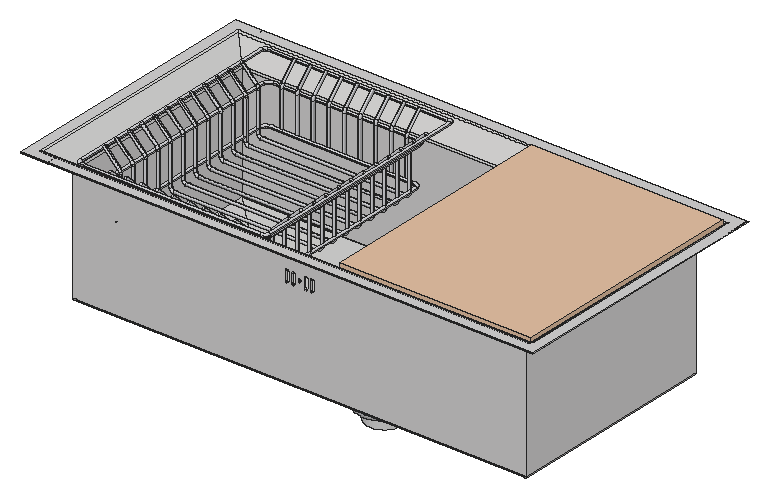
Revit family "Sink-Undermount-Kitchen-KOHLER-POISE-K-3880T", category Plumbing Fixtures, host Face, Revit 2017
Family settings
  Host = Face
  Round Connector Dimension = Use Diameter
  Part Type = Normal
  OmniClass Number = 23.31.13.00
  OmniClass Title = Sinks
  Cut with Voids When Loaded = No
  Shared = No
  Room Calculation Point = No
Parameters (values of type "NA- Stainless Steel Wire Drawing")
  Width = 32 73/256"  # constant formula
  WaterSense Certified = 1 = 0  # no
  Waste Water Outlet = "Waste Water Outlet"  # constant formula
  Waste Connection = 1 = 1  # yes
  Vent Connection = 1 = 0  # no
  URL = "http://www.kohler.com.cn/"
  Type = 1
  Product Page URL = ""
  Product Name = "POISE"  # constant formula
  Product Documentation Link = "https://files.kohler.com.cn/pdfs/k_3880t_f.pdf"
  Model = "K-3880T-F-NA"  # constant formula
  Material = "Stainless Steel"  # constant formula
  Master Format 2014 Name = "Residential Lavatories and Sinks"  # constant formula
  Master Format 2014 = "22 41 16"  # constant formula
  Manufacturer Address = "Kohler Beijing Office (100016) 36-2-03-B, No. 88, Liuxiang Road, Beijing"  # constant formula
  Manufacturer = "KOHLER Co."  # constant formula
  Length = 16 119/128"  # constant formula
  Hot Water Inlet = "Hot Water Inlet"  # constant formula
  Height = 8 119/256"  # constant formula
  HW Connection = 1 = 0  # no
  Finish = Kohler-Metal-NA-Stainless_Steel_Wire_Drawing
  Environmental Product Declaration = ""
  Drain Included = 1 = 1  # yes
  Description = "Poise single-slot under-counter kitchen basin (small size) (speed swirl upgrade version)"  # constant formula
  Default Elevation = 36"
  Declare Label = ""
  Date Modified = "11/03/2020"  # constant formula
  Date Created = "11/03/2020"  # constant formula
  Copyright = "Copyright KOHLER Co."  # constant formula
  Contact Us = "http://www.kohler.com.cn/contact/contact-us/"
  Cold Water Inlet = "Cold Water Inlet"  # constant formula
  CW Connection = 1 = 0  # no
  Assembly Code = "D2010400"
  ADA Compliant = 1 = 0  # no
Reference planes
  plane 1 "Center (Front/Back)": y = 0
  plane 2: z = 0
  plane 3 "Center (Left/Right)": x = 0
  plane 4: x = 410.043
  plane 5: y = -215.014
  plane 6: y = 215
  plane 7: x = -410
  plane 8: z = -357.485
  plane 9: z = -240.407
  plane 10: z = -25.4
  plane 11: z = -27.788
  plane 12: z = -21.388
Forms (mm)
  Extrusion 1, void
    sketch origin (0, 0, 0) x (1, 0, 0) y (0, 1, 0)
      loop
        line (-390, 190) -> (-390, -190)
        arc (-390, -190) -> (-388.536, -193.536) -> (-385, -195) r 5
        line (-385, -195) -> (385, -195)
        arc (385, -195) -> (388.536, -193.536) -> (390, -190) r 5
        line (390, -190) -> (390, 190)
        arc (390, 190) -> (388.536, 193.536) -> (385, 195) r 5
        line (385, 195) -> (-385, 195)
        arc (-385, 195) -> (-388.536, 193.536) -> (-390, 190) r 5
    from -357.522 to 40.557
  Extrusion 2, void
    sketch origin (0, 0, 0) x (1, 0, 0) y (0, 1, 0)
      loop
        line (-410, 215) -> (-410, -215) -> (410, -215) -> (410, 215) -> (-410, 215)
    from -27.788 to -25.4
Dimensions and locks
  plane 7 to plane 3 "Center (Left/Right)" to plane 4 = 16.14173", 16.14342"
  plane 6 to plane 1 "Center (Front/Back)" to plane 5 = 8.46457", 8.46512"  (x2)
  plane 6 to plane 5 = 16 119/128"
  level to plane 10 = 1"
  "Height": plane 9 to plane 10
  "Width": plane 7 to plane 4
  "Length": plane 6 to plane 5
  aligned and locked: plane 2 to host face
  aligned and locked: level to host face
  aligned and locked: plane 3 "Center (Left/Right)" to nested 1
Automatic sketch dimensions
  host sketch curve to host sketch curve = 96"  (x2)
  Extrusion 1 sketch curve to plane 7 = 0.7874"
  Extrusion 1 sketch curve to Extrusion 1 sketch curve = 0.19685"  (x2)
  plane 5 to Extrusion 1 sketch curve = 0.78796"
  Extrusion 1 sketch curve to plane 7 = 0.98425"
  plane 4 to Extrusion 1 sketch curve = 0.98594"  (x2)
  Extrusion 1 sketch curve to plane 6 = 0.98425"
  Extrusion 2 sketch curve to plane 6 = 0"
  Extrusion 2 sketch curve to plane 7 = 0"
  plane 4 to Extrusion 2 sketch curve = 0.00169"
  plane 5 to Extrusion 2 sketch curve = 0.00055"
Nested families
  nested 1: "K-3880T" at (0, 0, 0), type "K-3880T"
Connectors
  piping at (0, 0, -357.522), diameter 38.1, driven by "Waste Connection", driven by "Waste Water Outlet"
    settings: on nested 1, index 1, connector inside diameter 24", connector length 0", flow factor 0, pipe flow 0 GPM, pressure drop 0.00 psi, fitting loss kfactor 0, connector angle 0.00°, fixture units 0, engagement length 0", angle of deflection 0.00°, flow configuration 0, flow direction 2, fitting loss method 0, system type 16, joint type 0, gender type 0, connector reference index -1, connector utility 1, adjustable connector no, is connector primary yes, connector description "Waste Water Outlet"
Definition of nested family "K-3880T"
  Parameters (values of type "K-3880T")
    Material = none
  Reference planes
    plane 1 "Center (Front/Back)": y = 0
    plane 2: z = 0
    plane 3 "Center (Left/Right)": x = 0
    plane 4: y = 215
    plane 5: y = -215
    plane 6: x = -410
    plane 7: x = 410
    plane 8: z = -25.4
    plane 9: z = -240.4
    plane 10: z = -357.522
    plane 11: z = -27.788
    plane 12: z = -21.388
  Forms (mm)
    Sweep 1, solid, material <- "Material", detail levels medium+fine
      path origin (0, 0, 0) x (1, 0, 0) y (0, 1, 0)
        loop
          line (410, -215) -> (410, 215) -> (-410, 215) -> (-410, -215) -> (410, -215)
      profile origin (410, 0, 0) x (-1, 0, 0) y (0, 0, 1)
        loop
          line (0, -25.4) -> (0, -26.594) -> (17.06, -26.594)
          arc (17.06, -26.594) -> (18.442, -26.869) -> (19.613, -27.651) r 3.61
          line (19.613, -27.651) -> (46.038, -54.076)
          arc (46.038, -54.076) -> (46.799, -55.215) -> (47.066, -56.558) r 3.51
          line (47.066, -56.558) -> (47.066, -239.569)
          arc (47.066, -239.569) -> (47.601, -240.893) -> (48.906, -241.473) r 1.906
          line (48.906, -241.473) -> (177.114, -245.951)
          arc (177.114, -245.951) -> (187.589, -246.225) -> (198.067, -246.316) r 600.402
          line (198.067, -246.316) -> (208.525, -246.316) -> (208.525, -245.128) -> (195.559, -245.128)
          arc (195.559, -245.128) -> (187.588, -245.058) -> (179.62, -244.85) r 456.697
          line (179.62, -244.85) -> (48.937, -240.286)
          arc (48.937, -240.286) -> (48.457, -240.072) -> (48.26, -239.585) r 0.701
          line (48.26, -239.585) -> (48.26, -56.619)
          arc (48.26, -56.619) -> (47.891, -54.763) -> (46.839, -53.189) r 4.851
          line (46.839, -53.189) -> (20.422, -26.772)
          arc (20.422, -26.772) -> (18.902, -25.757) -> (17.109, -25.4) r 4.686
          line (17.109, -25.4) -> (0, -25.4)
    Extrusion 2, solid, material <- "Material", detail levels medium+fine
      sketch origin (0, 0, 0) x (1, 0, 0) y (0, 1, 0)
        loop
          line (-201.475, 6.475) -> (-201.475, -6.475) -> (201.475, -6.475) -> (201.475, 6.475) -> (-201.475, 6.475)
      from -246.316 to -245.128
    Sweep 3, solid, detail levels medium+fine
      path origin (0, 0, 0) x (1, 0, 0) y (0, 0, 1)
        loop
          line (-338.075, -25.362) -> (-313.84, -49.597)
          arc (-313.84, -49.597) -> (-312.16, -52.112) -> (-311.57, -55.078) r 7.751
          line (-311.57, -55.078) -> (-311.57, -118.193)
          arc (-311.57, -118.193) -> (-309.814, -122.432) -> (-305.575, -124.188) r 5.995
          line (-305.575, -124.188) -> (-75.378, -124.188)
          arc (-75.378, -124.188) -> (-71.187, -122.452) -> (-69.45, -118.26) r 5.928
          line (-69.45, -118.26) -> (-69.45, -55.239)
          arc (-69.45, -55.239) -> (-68.834, -52.143) -> (-67.08, -49.517) r 8.092
          line (-67.08, -49.517) -> (-42.925, -25.362)
      profile origin (-325.957, 0, -37.48) x (0.707107, 0, 0.707107) y (0, -1, 0)
        loop
          circle (0, 37.504) r 1.998
        loop
          circle (0, 12.504) r 1.998
        loop
          circle (0, 87.504) r 1.998
        loop
          circle (0, 62.504) r 1.998
        loop
          circle (0, -62.496) r 1.998
        loop
          circle (0, -87.496) r 1.998
        loop
          circle (0, -12.496) r 1.998
        loop
          circle (0, -37.496) r 1.998
        loop
          circle (0, -112.496) r 1.998
        loop
          circle (0, -137.496) r 1.998
        loop
          circle (0, 137.504) r 1.998
        loop
          circle (0, 112.504) r 1.998
    Sweep 4, solid, detail levels medium+fine
      path origin (0, 0, 0) x (1, 0, 0) y (0, 1, 0)
        loop
          arc (-334.7, 187.017) -> (-339.085, 185.201) -> (-340.901, 180.816) r 6.201
          line (-340.901, 180.816) -> (-340.901, -180.884)
          arc (-340.901, -180.884) -> (-339.101, -185.229) -> (-334.756, -187.029) r 6.145
          line (-334.756, -187.029) -> (-46.051, -187.029)
          arc (-46.051, -187.029) -> (-41.85, -185.289) -> (-40.11, -181.088) r 5.941
          line (-40.11, -181.088) -> (-40.11, 181.049)
          arc (-40.11, 181.049) -> (-41.858, 185.269) -> (-46.078, 187.017) r 5.968
          line (-46.078, 187.017) -> (-334.7, 187.017)
      profile origin (-190.389, 187.017, 0) x (0, 1, 0) y (0, 0, 1)
        loop
          circle (0, -28.204) r 2.002
    Sweep 5, solid, detail levels medium+fine
      path origin (0, 0, 0) x (1, 0, 0) y (0, 1, 0)
        loop
          arc (-65.432, 151.428) -> (-68.453, 158.722) -> (-75.747, 161.743) r 10.314
          line (-75.747, 161.743) -> (-305.047, 161.743)
          arc (-305.047, 161.743) -> (-312.36, 158.714) -> (-315.389, 151.401) r 10.342
          line (-315.389, 151.401) -> (-315.389, -151.294)
          arc (-315.389, -151.294) -> (-312.328, -158.682) -> (-304.94, -161.743) r 10.449
          line (-304.94, -161.743) -> (-75.432, -161.743)
          arc (-75.432, -161.743) -> (-68.361, -158.814) -> (-65.432, -151.743) r 10
          line (-65.432, -151.743) -> (-65.432, 151.428)
      profile origin (-65.432, -0.157, 0) x (1, 0, 0) y (0, 0, 1)
        loop
          circle (0, -55.134) r 2.003
    Sweep 6, solid, detail levels medium+fine
      path origin (0, 0, 0) x (1, 0, 0) y (0, 1, 0)
        loop
          line (-306.369, -153.741) -> (-74.687, -153.741)
          arc (-74.687, -153.741) -> (-68.144, -151.031) -> (-65.433, -144.488) r 9.253
          line (-65.433, -144.488) -> (-65.433, 143.735)
          arc (-65.433, 143.735) -> (-68.362, 150.806) -> (-75.433, 153.735) r 10
          line (-75.433, 153.735) -> (-305.545, 153.735)
          arc (-305.545, 153.735) -> (-312.616, 150.806) -> (-315.545, 143.735) r 10
          line (-315.545, 143.735) -> (-315.545, -144.565)
          arc (-315.545, -144.565) -> (-312.858, -151.053) -> (-306.369, -153.741) r 9.177
      profile origin (-190.528, -153.741, 0) x (0, 1, 0) y (0, 0, 1)
        loop
          circle (0, -114.206) r 2.033
    Sweep 7, solid, detail levels medium+fine
      path origin (0, 0, 0) x (0, 1, 0) y (0, 0, 1)
        loop
          line (184.189, -25.366) -> (159.78, -49.775)
          arc (159.78, -49.775) -> (158.27, -52.034) -> (157.74, -54.699) r 6.964
          line (157.74, -54.699) -> (157.74, -114.194)
      profile origin (0, 171.984, -37.57) x (0, 0.707107, -0.707107) y (1, 0, 0)
        loop
          circle (0, -140.527) r 2.01
        loop
          circle (0, -165.527) r 2.01
        loop
          circle (0, -90.527) r 2.01
        loop
          circle (0, -115.527) r 2.01
        loop
          circle (0, -240.527) r 2.01
        loop
          circle (0, -265.527) r 2.01
        loop
          circle (0, -190.527) r 2.01
        loop
          circle (0, -215.527) r 2.01
        loop
          circle (0, -290.448) r 2.01
    Sweep 8, solid, detail levels medium+fine
      path origin (0, 0, 0) x (0, -1, 0) y (0, 0, 1)
        loop
          line (184.189, -25.366) -> (159.78, -49.775)
          arc (159.78, -49.775) -> (158.27, -52.034) -> (157.74, -54.699) r 6.964
          line (157.74, -54.699) -> (157.74, -114.194)
      profile origin (0, -171.984, -37.57) x (0, 0.707107, 0.707107) y (1, 0, 0)
        loop
          circle (0, -140.527) r 2.01
        loop
          circle (0, -165.527) r 2.01
        loop
          circle (0, -90.527) r 2.01
        loop
          circle (0, -115.527) r 2.01
        loop
          circle (0, -240.527) r 2.01
        loop
          circle (0, -265.527) r 2.01
        loop
          circle (0, -190.527) r 2.01
        loop
          circle (0, -215.527) r 2.01
        loop
          circle (0, -290.448) r 2.01
    Extrusion 9, void
      sketch origin (0, 0, 0) x (1, 0, 0) y (0, 0, 1)
        loop
          line (17, -79.514) -> (17, -93.614)
          arc (17, -93.614) -> (20, -96.614) -> (23, -93.614) r 3
          line (23, -93.614) -> (23, -79.514)
          arc (23, -79.514) -> (20, -76.514) -> (17, -79.514) r 3
        loop
          line (13, -93.616) -> (13, -79.546)
          arc (13, -79.546) -> (10, -76.546) -> (7, -79.546) r 3
          line (7, -79.546) -> (7, -93.616)
          arc (7, -93.616) -> (10, -96.616) -> (13, -93.616) r 3
        loop
          line (-7, -93.594) -> (-7, -79.57)
          arc (-7, -79.57) -> (-10, -76.57) -> (-13, -79.57) r 3
          line (-13, -79.57) -> (-13, -93.594)
          arc (-13, -93.594) -> (-10, -96.594) -> (-7, -93.594) r 3
        loop
          line (-17, -93.577) -> (-17, -79.615)
          arc (-17, -79.615) -> (-20, -76.615) -> (-23, -79.615) r 3
          line (-23, -79.615) -> (-23, -93.577)
          arc (-23, -93.577) -> (-20, -96.577) -> (-17, -93.577) r 3
        loop
          circle (0.006, -86.599) r 2.505
      from 157.988 to 199.631
    Extrusion 10, void
      sketch origin (0, 0, 0) x (1, 0, 0) y (0, 1, 0)
        loop
          circle (-0.074, -0.16) r 57.552
      from -260.522 to -198.733
    Revolve 11, solid, material <- "Material", detail levels medium+fine
      sketch origin (0, 0, 0) x (1, 0, 0) y (0, 0, 1)
        loop
          line (57, -254.522) -> (54.598, -254.522) -> (58.071, -245.191)
          arc (58.071, -245.191) -> (57.726, -244.439) -> (56.974, -244.783) r 0.585
          line (56.974, -244.783) -> (53.645, -253.726)
          arc (53.645, -253.726) -> (53.772, -254.727) -> (54.666, -255.195) r 1.089
          line (54.666, -255.195) -> (56.277, -255.195) -> (56.277, -258.289) -> (57.669, -258.289) -> (57.399, -266.022) -> (46.789, -266.022)
          arc (46.789, -266.022) -> (46.185, -266.265) -> (45.92, -266.86) r 0.87
          line (45.92, -266.86) -> (43.662, -329.849)
          arc (43.662, -329.849) -> (41.234, -335.291) -> (35.709, -337.522) r 7.957
          line (35.709, -337.522) -> (28.916, -337.522)
          arc (28.916, -337.522) -> (27.106, -338.271) -> (26.356, -340.081) r 2.56
          line (26.356, -340.081) -> (26.356, -354.522) -> (0, -354.522) -> (0, -357.522) -> (28.35, -357.522) -> (28.35, -340.077)
          arc (28.35, -340.077) -> (28.513, -339.684) -> (28.905, -339.522) r 0.555
          line (28.905, -339.522) -> (35.675, -339.522)
          arc (35.675, -339.522) -> (42.622, -336.715) -> (45.669, -329.871) r 10
          line (45.669, -329.871) -> (47.794, -269.015)
          arc (47.794, -269.015) -> (48.108, -268.31) -> (48.823, -268.022) r 1.029
          line (48.823, -268.022) -> (58.354, -268.022)
          arc (58.354, -268.022) -> (59.056, -267.738) -> (59.364, -267.046) r 1.011
          line (59.364, -267.046) -> (59.695, -257.59) -> (56.895, -257.523) -> (57, -254.522)
        axis (0, -357.522) -> (0, -244.783)
      angle from 0 to 360
    Revolve 12, solid, detail levels medium+fine
      sketch origin (-0.265, 0, -53.942) x (1, 0, 0) y (0, 0, 1)
        loop
          line (-36.463, -245.875) -> (0.136, -245.875) -> (0.136, -219.575) -> (-6.479, -219.575)
          arc (-6.479, -219.575) -> (-6.847, -219.728) -> (-7, -220.096) r 0.521
          line (-7, -220.096) -> (-7, -223.066)
          arc (-7, -223.066) -> (-6.851, -223.426) -> (-6.491, -223.575) r 0.509
          line (-6.491, -223.575) -> (-3.997, -223.575) -> (-3.997, -245.075) -> (-36.425, -245.075)
          arc (-36.425, -245.075) -> (-38.614, -244.202) -> (-39.601, -242.061) r 3.181
          line (-39.601, -242.061) -> (-41.173, -212.073)
          arc (-41.173, -212.073) -> (-42.754, -211.02) -> (-43.31, -212.836) r 1.184
          line (-43.31, -212.836) -> (-42.7, -213.575) -> (-42.078, -213.061) -> (-42.658, -212.358)
          arc (-42.658, -212.358) -> (-42.529, -211.704) -> (-41.962, -212.054) r 0.406
          line (-41.962, -212.054) -> (-40.384, -242.154)
          arc (-40.384, -242.154) -> (-39.166, -244.797) -> (-36.463, -245.875) r 3.927
        axis (0.136, -212.054) -> (0.136, -245.875)
      angle from 0 to 360
    Extrusion 13, void
      sketch origin (-0.265, 0, -53.942) x (1, 0, 0) y (0, 1, 0)
        loop
          arc (-13.315, 31.662) -> (-14.178, 26.814) -> (-13.523, 21.934) r 15.972
          arc (-13.523, 21.934) -> (-11.611, 20.826) -> (-10.398, 22.673) r 1.608
          arc (-10.398, 22.673) -> (-10.726, 26.752) -> (-10.267, 30.818) r 21.255
          arc (-10.267, 30.818) -> (-11.394, 32.674) -> (-13.315, 31.662) r 1.584
        loop
          arc (-1.084, 34.33) -> (-3.627, 30.114) -> (-4.765, 25.323) r 15.972
          arc (-4.765, 25.323) -> (-3.376, 23.603) -> (-1.582, 24.894) r 1.608
          arc (-1.582, 24.894) -> (-0.427, 28.819) -> (1.459, 32.451) r 21.255
          arc (1.459, 32.451) -> (1.072, 34.587) -> (-1.084, 34.33) r 1.584
        loop
          arc (11.291, 32.439) -> (7.406, 29.413) -> (4.627, 25.349) r 15.972
          arc (4.627, 25.349) -> (5.307, 23.246) -> (7.444, 23.807) r 1.608
          arc (7.444, 23.807) -> (9.929, 27.058) -> (12.992, 29.772) r 21.255
          arc (12.992, 29.772) -> (13.396, 31.905) -> (11.291, 32.439) r 1.584
        loop
          arc (22.166, 26.238) -> (17.455, 24.806) -> (13.404, 22.007) r 15.972
          arc (13.404, 22.007) -> (13.285, 19.8) -> (15.481, 19.558) r 1.608
          arc (15.481, 19.558) -> (18.967, 21.703) -> (22.798, 23.139) r 21.255
          arc (22.798, 23.139) -> (23.94, 24.986) -> (22.166, 26.238) r 1.584
        loop
          arc (30.381, 16.023) -> (25.476, 16.461) -> (20.672, 15.383) r 15.972
          arc (20.672, 15.383) -> (19.734, 13.382) -> (21.681, 12.335) r 1.608
          arc (21.681, 12.335) -> (25.716, 13.017) -> (29.806, 12.914) r 21.255
          arc (29.806, 12.914) -> (31.556, 14.198) -> (30.381, 16.023) r 1.584
        loop
          arc (34.105, 4.072) -> (29.683, 6.238) -> (24.811, 6.954) r 15.972
          arc (24.811, 6.954) -> (23.219, 5.421) -> (24.661, 3.746) r 1.608
          arc (24.661, 3.746) -> (28.672, 2.937) -> (32.455, 1.374) r 21.255
          arc (32.455, 1.374) -> (34.549, 1.947) -> (34.105, 4.072) r 1.584
        loop
          arc (33.299, -8.421) -> (29.947, -4.814) -> (25.655, -2.4) r 15.972
          arc (25.655, -2.4) -> (23.62, -3.26) -> (24.365, -5.341) r 1.608
          arc (24.365, -5.341) -> (27.821, -7.533) -> (30.791, -10.347) r 21.255
          arc (30.791, -10.347) -> (32.952, -10.564) -> (33.299, -8.421) r 1.584
        loop
          arc (28.07, -19.795) -> (26.233, -15.226) -> (23.091, -11.435) r 15.972
          arc (23.091, -11.435) -> (20.882, -11.508) -> (20.833, -13.718) r 1.608
          arc (20.833, -13.718) -> (23.273, -17.003) -> (25.038, -20.695) r 21.255
          arc (25.038, -20.695) -> (26.977, -21.671) -> (28.07, -19.795) r 1.584
        loop
          arc (18.61, -28.869) -> (18.619, -23.945) -> (17.126, -19.252) r 15.972
          arc (17.126, -19.252) -> (15.051, -18.493) -> (14.177, -20.523) r 1.608
          arc (14.177, -20.523) -> (15.209, -24.483) -> (15.462, -28.567) r 21.255
          arc (15.462, -28.567) -> (16.895, -30.199) -> (18.61, -28.869) r 1.584
        loop
          arc (7.029, -33.621) -> (8.801, -29.027) -> (9.089, -24.111) r 15.972
          arc (9.089, -24.111) -> (7.424, -22.658) -> (5.881, -24.241) r 1.608
          arc (5.881, -24.241) -> (5.425, -28.307) -> (4.198, -32.211) r 21.255
          arc (4.198, -32.211) -> (4.95, -34.248) -> (7.029, -33.621) r 1.584
        loop
          arc (-5.487, -33.906) -> (-2.186, -30.253) -> (-0.155, -25.767) r 15.972
          arc (-0.155, -25.767) -> (-1.189, -23.814) -> (-3.197, -24.738) r 1.608
          arc (-3.197, -24.738) -> (-5.08, -28.371) -> (-7.624, -31.576) r 21.255
          arc (-7.624, -31.576) -> (-7.652, -33.747) -> (-5.487, -33.906) r 1.584
        loop
          arc (-17.273, -29.688) -> (-12.882, -27.46) -> (-9.379, -24) r 15.972
          arc (-9.379, -24) -> (-9.645, -21.806) -> (-11.85, -21.949) r 1.608
          arc (-11.85, -21.949) -> (-14.91, -24.666) -> (-18.434, -26.747) r 21.255
          arc (-18.434, -26.747) -> (-19.237, -28.763) -> (-17.273, -29.688) r 1.584
        loop
          arc (-27.137, -21.056) -> (-22.231, -20.635) -> (-17.686, -18.739) r 15.972
          arc (-17.686, -18.739) -> (-17.111, -16.605) -> (-19.209, -15.912) r 1.608
          arc (-19.209, -15.912) -> (-23.064, -17.285) -> (-27.111, -17.893) r 21.255
          arc (-27.111, -17.893) -> (-28.611, -19.462) -> (-27.137, -21.056) r 1.584
        loop
          arc (-32.88, -9.932) -> (-28.149, -11.297) -> (-23.227, -11.156) r 15.972
          arc (-23.227, -11.156) -> (-21.925, -9.37) -> (-23.636, -7.971) r 1.608
          arc (-23.636, -7.971) -> (-27.727, -7.871) -> (-31.723, -6.989) r 21.255
          arc (-31.723, -6.989) -> (-33.686, -7.916) -> (-32.88, -9.932) r 1.584
        loop
          arc (-34.256, 2.511) -> (-30.328, -0.459) -> (-25.682, -2.092) r 15.972
          arc (-25.682, -2.092) -> (-23.827, -0.891) -> (-24.923, 1.029) r 1.608
          arc (-24.923, 1.029) -> (-28.706, 2.588) -> (-32.12, 4.843) r 21.255
          arc (-32.12, 4.843) -> (-34.285, 4.681) -> (-34.256, 2.511) r 1.584
        loop
          arc (-31.081, 14.62) -> (-28.478, 10.44) -> (-24.726, 7.251) r 15.972
          arc (-24.726, 7.251) -> (-22.564, 7.707) -> (-22.899, 9.892) r 1.608
          arc (-22.899, 9.892) -> (-25.872, 12.703) -> (-28.251, 16.033) r 21.255
          arc (-28.251, 16.033) -> (-30.33, 16.657) -> (-31.081, 14.62) r 1.584
        loop
          arc (-23.777, 24.787) -> (-22.845, 19.952) -> (-20.485, 15.631) r 15.972
          arc (-20.485, 15.631) -> (-18.303, 15.281) -> (-17.833, 17.441) r 1.608
          arc (-17.833, 17.441) -> (-19.601, 21.131) -> (-20.629, 25.092) r 21.255
          arc (-20.629, 25.092) -> (-22.347, 26.42) -> (-23.777, 24.787) r 1.584
      from -245.875 to -184.505
    Extrusion 14, void
      sketch origin (7.86, 0, -53.942) x (1, 0, 0) y (0, 0, 1)
        loop
          arc (-6.453, -217.312) -> (-8.482, -217.045) -> (-8.936, -219.041) r 1.52
          arc (-8.936, -219.041) -> (-7.141, -222.791) -> (-5.873, -226.75) r 30.418
          arc (-5.873, -226.75) -> (-4.077, -227.935) -> (-2.755, -226.238) r 1.585
          arc (-2.755, -226.238) -> (-3.909, -221.487) -> (-6.453, -217.312) r 15.891
        loop
          arc (-10.848, -228.761) -> (-12.877, -228.495) -> (-13.332, -230.491) r 1.52
          arc (-13.332, -230.491) -> (-11.536, -234.24) -> (-10.268, -238.199) r 30.418
          arc (-10.268, -238.199) -> (-8.473, -239.384) -> (-7.15, -237.687) r 1.585
          arc (-7.15, -237.687) -> (-8.304, -232.936) -> (-10.848, -228.761) r 15.891
      from -51.102 to -30.421
    Extrusion 15, void
      sketch origin (6.73, -3.845, -53.942) x (0.876981, -0.480526, 0) y (0, 0, 1)
        loop
          arc (-6.453, -217.312) -> (-8.482, -217.045) -> (-8.936, -219.041) r 1.52
          arc (-8.936, -219.041) -> (-7.141, -222.791) -> (-5.873, -226.75) r 30.418
          arc (-5.873, -226.75) -> (-4.077, -227.935) -> (-2.755, -226.238) r 1.585
          arc (-2.755, -226.238) -> (-3.909, -221.487) -> (-6.453, -217.312) r 15.891
        loop
          arc (-10.848, -228.761) -> (-12.877, -228.495) -> (-13.332, -230.491) r 1.52
          arc (-13.332, -230.491) -> (-11.536, -234.24) -> (-10.268, -238.199) r 30.418
          arc (-10.268, -238.199) -> (-8.473, -239.384) -> (-7.15, -237.687) r 1.585
          arc (-7.15, -237.687) -> (-8.304, -232.936) -> (-10.848, -228.761) r 15.891
      from -51.102 to -30.421
    Extrusion 16, void
      sketch origin (4.023, -6.878, -53.942) x (0.532641, -0.846342, 0) y (0, 0, 1)
        loop
          arc (-6.453, -217.312) -> (-8.482, -217.045) -> (-8.936, -219.041) r 1.52
          arc (-8.936, -219.041) -> (-7.141, -222.791) -> (-5.873, -226.75) r 30.418
          arc (-5.873, -226.75) -> (-4.077, -227.935) -> (-2.755, -226.238) r 1.585
          arc (-2.755, -226.238) -> (-3.909, -221.487) -> (-6.453, -217.312) r 15.891
        loop
          arc (-10.848, -228.761) -> (-12.877, -228.495) -> (-13.332, -230.491) r 1.52
          arc (-13.332, -230.491) -> (-11.536, -234.24) -> (-10.268, -238.199) r 30.418
          arc (-10.268, -238.199) -> (-8.473, -239.384) -> (-7.15, -237.687) r 1.585
          arc (-7.15, -237.687) -> (-8.304, -232.936) -> (-10.848, -228.761) r 15.891
      from -51.102 to -30.421
    Extrusion 17, void
      sketch origin (0.167, -7.97, -53.942) x (0.060426, -0.998173, 0) y (0, 0, 1)
        loop
          arc (-6.453, -217.312) -> (-8.482, -217.045) -> (-8.936, -219.041) r 1.52
          arc (-8.936, -219.041) -> (-7.141, -222.791) -> (-5.873, -226.75) r 30.418
          arc (-5.873, -226.75) -> (-4.077, -227.935) -> (-2.755, -226.238) r 1.585
          arc (-2.755, -226.238) -> (-3.909, -221.487) -> (-6.453, -217.312) r 15.891
        loop
          arc (-10.848, -228.761) -> (-12.877, -228.495) -> (-13.332, -230.491) r 1.52
          arc (-13.332, -230.491) -> (-11.536, -234.24) -> (-10.268, -238.199) r 30.418
          arc (-10.268, -238.199) -> (-8.473, -239.384) -> (-7.15, -237.687) r 1.585
          arc (-7.15, -237.687) -> (-8.304, -232.936) -> (-10.848, -228.761) r 15.891
      from -51.102 to -30.421
    Extrusion 18, void
      sketch origin (-3.394, -7.011, -53.942) x (-0.383246, -0.923646, 0) y (0, 0, 1)
        loop
          arc (-6.453, -217.312) -> (-8.482, -217.045) -> (-8.936, -219.041) r 1.52
          arc (-8.936, -219.041) -> (-7.141, -222.791) -> (-5.873, -226.75) r 30.418
          arc (-5.873, -226.75) -> (-4.077, -227.935) -> (-2.755, -226.238) r 1.585
          arc (-2.755, -226.238) -> (-3.909, -221.487) -> (-6.453, -217.312) r 15.891
        loop
          arc (-10.848, -228.761) -> (-12.877, -228.495) -> (-13.332, -230.491) r 1.52
          arc (-13.332, -230.491) -> (-11.536, -234.24) -> (-10.268, -238.199) r 30.418
          arc (-10.268, -238.199) -> (-8.473, -239.384) -> (-7.15, -237.687) r 1.585
          arc (-7.15, -237.687) -> (-8.304, -232.936) -> (-10.848, -228.761) r 15.891
      from -51.102 to -30.421
    Extrusion 19, void
      sketch origin (-6.512, -4.494, -53.942) x (-0.779936, -0.62586, 0) y (0, 0, 1)
        loop
          arc (-6.453, -217.312) -> (-8.482, -217.045) -> (-8.936, -219.041) r 1.52
          arc (-8.936, -219.041) -> (-7.141, -222.791) -> (-5.873, -226.75) r 30.418
          arc (-5.873, -226.75) -> (-4.077, -227.935) -> (-2.755, -226.238) r 1.585
          arc (-2.755, -226.238) -> (-3.909, -221.487) -> (-6.453, -217.312) r 15.891
        loop
          arc (-10.848, -228.761) -> (-12.877, -228.495) -> (-13.332, -230.491) r 1.52
          arc (-13.332, -230.491) -> (-11.536, -234.24) -> (-10.268, -238.199) r 30.418
          arc (-10.268, -238.199) -> (-8.473, -239.384) -> (-7.15, -237.687) r 1.585
          arc (-7.15, -237.687) -> (-8.304, -232.936) -> (-10.848, -228.761) r 15.891
      from -51.102 to -30.421
    Extrusion 20, void
      sketch origin (-8.276, -0.831, -53.942) x (-0.985853, -0.167614, 0) y (0, 0, 1)
        loop
          arc (-6.453, -217.312) -> (-8.482, -217.045) -> (-8.936, -219.041) r 1.52
          arc (-8.936, -219.041) -> (-7.141, -222.791) -> (-5.873, -226.75) r 30.418
          arc (-5.873, -226.75) -> (-4.077, -227.935) -> (-2.755, -226.238) r 1.585
          arc (-2.755, -226.238) -> (-3.909, -221.487) -> (-6.453, -217.312) r 15.891
        loop
          arc (-10.848, -228.761) -> (-12.877, -228.495) -> (-13.332, -230.491) r 1.52
          arc (-13.332, -230.491) -> (-11.536, -234.24) -> (-10.268, -238.199) r 30.418
          arc (-10.268, -238.199) -> (-8.473, -239.384) -> (-7.15, -237.687) r 1.585
          arc (-7.15, -237.687) -> (-8.304, -232.936) -> (-10.848, -228.761) r 15.891
      from -51.102 to -30.421
    Extrusion 21, void
      sketch origin (-7.807, 3.149, -53.942) x (-0.945117, 0.326734, 0) y (0, 0, 1)
        loop
          arc (-6.453, -217.312) -> (-8.482, -217.045) -> (-8.936, -219.041) r 1.52
          arc (-8.936, -219.041) -> (-7.141, -222.791) -> (-5.873, -226.75) r 30.418
          arc (-5.873, -226.75) -> (-4.077, -227.935) -> (-2.755, -226.238) r 1.585
          arc (-2.755, -226.238) -> (-3.909, -221.487) -> (-6.453, -217.312) r 15.891
        loop
          arc (-10.848, -228.761) -> (-12.877, -228.495) -> (-13.332, -230.491) r 1.52
          arc (-13.332, -230.491) -> (-11.536, -234.24) -> (-10.268, -238.199) r 30.418
          arc (-10.268, -238.199) -> (-8.473, -239.384) -> (-7.15, -237.687) r 1.585
          arc (-7.15, -237.687) -> (-8.304, -232.936) -> (-10.848, -228.761) r 15.891
      from -51.102 to -30.421
    Extrusion 22, void
      sketch origin (-5.937, 5.693, -53.942) x (-0.712823, 0.701344, 0) y (0, 0, 1)
        loop
          arc (-6.453, -217.312) -> (-8.482, -217.045) -> (-8.936, -219.041) r 1.52
          arc (-8.936, -219.041) -> (-7.141, -222.791) -> (-5.873, -226.75) r 30.418
          arc (-5.873, -226.75) -> (-4.077, -227.935) -> (-2.755, -226.238) r 1.585
          arc (-2.755, -226.238) -> (-3.909, -221.487) -> (-6.453, -217.312) r 15.891
        loop
          arc (-10.848, -228.761) -> (-12.877, -228.495) -> (-13.332, -230.491) r 1.52
          arc (-13.332, -230.491) -> (-11.536, -234.24) -> (-10.268, -238.199) r 30.418
          arc (-10.268, -238.199) -> (-8.473, -239.384) -> (-7.15, -237.687) r 1.585
          arc (-7.15, -237.687) -> (-8.304, -232.936) -> (-10.848, -228.761) r 15.891
      from -51.102 to -30.421
    Extrusion 23, void
      sketch origin (-2.435, 7.642, -53.942) x (-0.288118, 0.957595, 0) y (0, 0, 1)
        loop
          arc (-6.453, -217.312) -> (-8.482, -217.045) -> (-8.936, -219.041) r 1.52
          arc (-8.936, -219.041) -> (-7.141, -222.791) -> (-5.873, -226.75) r 30.418
          arc (-5.873, -226.75) -> (-4.077, -227.935) -> (-2.755, -226.238) r 1.585
          arc (-2.755, -226.238) -> (-3.909, -221.487) -> (-6.453, -217.312) r 15.891
        loop
          arc (-10.848, -228.761) -> (-12.877, -228.495) -> (-13.332, -230.491) r 1.52
          arc (-13.332, -230.491) -> (-11.536, -234.24) -> (-10.268, -238.199) r 30.418
          arc (-10.268, -238.199) -> (-8.473, -239.384) -> (-7.15, -237.687) r 1.585
          arc (-7.15, -237.687) -> (-8.304, -232.936) -> (-10.848, -228.761) r 15.891
      from -51.102 to -30.421
    Extrusion 24, void
      sketch origin (1.622, 7.904, -53.942) x (0.213898, 0.976856, 0) y (0, 0, 1)
        loop
          arc (-6.453, -217.312) -> (-8.482, -217.045) -> (-8.936, -219.041) r 1.52
          arc (-8.936, -219.041) -> (-7.141, -222.791) -> (-5.873, -226.75) r 30.418
          arc (-5.873, -226.75) -> (-4.077, -227.935) -> (-2.755, -226.238) r 1.585
          arc (-2.755, -226.238) -> (-3.909, -221.487) -> (-6.453, -217.312) r 15.891
        loop
          arc (-10.848, -228.761) -> (-12.877, -228.495) -> (-13.332, -230.491) r 1.52
          arc (-13.332, -230.491) -> (-11.536, -234.24) -> (-10.268, -238.199) r 30.418
          arc (-10.268, -238.199) -> (-8.473, -239.384) -> (-7.15, -237.687) r 1.585
          arc (-7.15, -237.687) -> (-8.304, -232.936) -> (-10.848, -228.761) r 15.891
      from -51.102 to -30.421
    Extrusion 25, void
      sketch origin (5.137, 5.978, -53.942) x (0.656989, 0.7539, 0) y (0, 0, 1)
        loop
          arc (-6.453, -217.312) -> (-8.482, -217.045) -> (-8.936, -219.041) r 1.52
          arc (-8.936, -219.041) -> (-7.141, -222.791) -> (-5.873, -226.75) r 30.418
          arc (-5.873, -226.75) -> (-4.077, -227.935) -> (-2.755, -226.238) r 1.585
          arc (-2.755, -226.238) -> (-3.909, -221.487) -> (-6.453, -217.312) r 15.891
        loop
          arc (-10.848, -228.761) -> (-12.877, -228.495) -> (-13.332, -230.491) r 1.52
          arc (-13.332, -230.491) -> (-11.536, -234.24) -> (-10.268, -238.199) r 30.418
          arc (-10.268, -238.199) -> (-8.473, -239.384) -> (-7.15, -237.687) r 1.585
          arc (-7.15, -237.687) -> (-8.304, -232.936) -> (-10.848, -228.761) r 15.891
      from -51.102 to -30.421
    Extrusion 26, void
      sketch origin (7.104, 3.006, -53.942) x (0.914046, 0.40561, 0) y (0, 0, 1)
        loop
          arc (-6.453, -217.312) -> (-8.482, -217.045) -> (-8.936, -219.041) r 1.52
          arc (-8.936, -219.041) -> (-7.141, -222.791) -> (-5.873, -226.75) r 30.418
          arc (-5.873, -226.75) -> (-4.077, -227.935) -> (-2.755, -226.238) r 1.585
          arc (-2.755, -226.238) -> (-3.909, -221.487) -> (-6.453, -217.312) r 15.891
        loop
          arc (-10.848, -228.761) -> (-12.877, -228.495) -> (-13.332, -230.491) r 1.52
          arc (-13.332, -230.491) -> (-11.536, -234.24) -> (-10.268, -238.199) r 30.418
          arc (-10.268, -238.199) -> (-8.473, -239.384) -> (-7.15, -237.687) r 1.585
          arc (-7.15, -237.687) -> (-8.304, -232.936) -> (-10.848, -228.761) r 15.891
      from -51.102 to -30.421
    Revolve 27, solid, detail levels medium+fine
      sketch origin (0, 0, 0) x (1, 0, 0) y (0, 0, 1)
        loop
          line (0, -334.703) -> (35.786, -334.703)
          arc (35.786, -334.703) -> (41.514, -332.33) -> (43.887, -326.602) r 8.101
          line (43.887, -326.602) -> (43.887, -255.725)
          arc (43.887, -255.725) -> (44.829, -253.451) -> (47.104, -252.508) r 3.217
          line (47.104, -252.508) -> (53.837, -252.508) -> (55.651, -250.422) -> (46.785, -250.422)
          arc (46.785, -250.422) -> (44.425, -251.399) -> (43.447, -253.76) r 3.338
          line (43.447, -253.76) -> (43.447, -322.351)
          arc (43.447, -322.351) -> (41.293, -327.549) -> (36.095, -329.703) r 7.352
          line (36.095, -329.703) -> (0, -329.703) -> (0, -334.703)
        axis (0, -334.703) -> (0, -250.422)
      angle from 0 to 360
    Extrusion 28, solid, material <- "Material", detail levels medium+fine
      sketch origin (0, 0, 0) x (1, 0, 0) y (0, 1, 0)
        loop
          line (-408, -173) -> (-408, -213) -> (-368, -213) -> (-368, -199) -> (-394, -199) -> (-394, -173) -> (-408, -173)
        loop
          line (-368, 199) -> (-368, 213) -> (-408, 213) -> (-408, 173) -> (-394, 173) -> (-394, 199) -> (-368, 199)
        loop
          line (394, -199) -> (368, -199) -> (368, -213) -> (408, -213) -> (408, -173) -> (394, -173) -> (394, -199)
        loop
          line (408, 173) -> (408, 213) -> (368, 213) -> (368, 199) -> (394, 199) -> (394, 173) -> (408, 173)
      from -27.788 to -26.594
    Sweep 29, solid, material <- "Material", detail levels coarse
      path origin (0, 0, 0) x (1, 0, 0) y (0, 1, 0)
        loop
          line (410, -215) -> (410, 215) -> (-410, 215) -> (-410, -215) -> (410, -215)
      profile origin (410, 0, 0) x (-1, 0, 0) y (0, 0, 1)
        loop
          line (0, -25.4) -> (0, -26.594) -> (18.556, -26.594) -> (47.066, -55.104) -> (47.066, -246.316) -> (208.525, -246.316) -> (208.525, -245.128) -> (48.26, -245.128) -> (48.26, -54.61) -> (19.05, -25.4) -> (0, -25.4)
    Extrusion 30, solid, material <- "Material", detail levels coarse
      sketch origin (0, 0, 0) x (1, 0, 0) y (0, 1, 0)
        loop
          line (201.475, 6.475) -> (-201.475, 6.475) -> (-201.475, -6.475) -> (201.475, -6.475) -> (201.475, 6.475)
      from -246.316 to -245.128
    Revolve 31, solid, material <- "Material", detail levels coarse
      sketch origin (0, 0, 0) x (1, 0, 0) y (0, 0, 1)
        loop
          line (57, -254.522) -> (54.598, -254.522) -> (57.652, -246.316) -> (0, -246.316) -> (0, -357.522) -> (28.35, -357.522) -> (28.35, -339.522) -> (45.332, -339.522) -> (47.829, -268.022) -> (59.33, -268.022) -> (59.695, -257.59) -> (56.895, -257.523) -> (57, -254.522)
        axis (0, -357.522) -> (0, -246.316)
      angle from 0 to 360
    Extrusion 32, solid, material <- "Material", detail levels medium+fine
      sketch origin (0, 0, 0) x (1, 0, 0) y (0, 1, 0)
        loop
          circle (0, 0) r 18.126
      from -357.522 to -356.112
    Extrusion 33, solid, detail levels medium+fine
      sketch origin (0, 0, 0) x (1, 0, 0) y (0, 1, 0)
        loop
          line (82.487, 192.2) -> (82.487, -192.3) -> (387.287, -192.3) -> (387.287, 192.2) -> (82.487, 192.2)
      from -27.788 to -21.388
  Cuts and joins
    Extrusion 9, Extrusion 10 cuts Sweep 1
    Extrusion 9, Extrusion 10 cuts Extrusion 2
    joined: Sweep 1, Extrusion 2
    Extrusion 13, Extrusion 14, Extrusion 15, Extrusion 16, Extrusion 17, Extrusion 18, Extrusion 19, Extrusion 20, Extrusion 21, Extrusion 22, Extrusion 23, Extrusion 24, Extrusion 25, Extrusion 26 cuts Revolve 12
    joined: Sweep 29, Extrusion 30, Revolve 31
  Lines and regions (mm)
    Masking region 1
      outline origin (0, 0, 0) x (0, 1, 0) y (0, 0, 1)
        loop
          line (167.934, -238.495) -> (167.934, -56.558)
          arc (167.934, -56.558) -> (168.201, -55.215) -> (168.962, -54.076) r 3.51
          line (168.962, -54.076) -> (195.251, -27.788) -> (213, -27.788) -> (213, -26.594) -> (215, -26.594) -> (215, -25.4) -> (192.2, -25.4) -> (192.2, -21.388) -> (-192.3, -21.388) -> (-192.3, -25.4) -> (-215, -25.4) -> (-215, -26.594) -> (-213, -26.594) -> (-213, -27.788) -> (-195.251, -27.788) -> (-168.962, -54.076)
          arc (-168.962, -54.076) -> (-168.201, -55.215) -> (-167.934, -56.558) r 3.51
          line (-167.934, -56.558) -> (-167.934, -238.495)
          arc (-167.934, -238.495) -> (-167.399, -239.818) -> (-166.094, -240.399) r 1.906
          line (-166.094, -240.399) -> (-58.456, -244.158) -> (-54.598, -254.522) -> (-57, -254.522) -> (-56.893, -257.59) -> (-59.695, -257.59) -> (-59.365, -267.022)
          arc (-59.365, -267.022) -> (-59.052, -267.726) -> (-58.337, -268.014) r 1.029
          line (-58.337, -268.014) -> (-48.844, -268.014)
          arc (-48.844, -268.014) -> (-48.113, -268.309) -> (-47.793, -269.029) r 1.052
          line (-47.793, -269.029) -> (-45.665, -329.961)
          arc (-45.665, -329.961) -> (-42.647, -336.741) -> (-35.766, -339.521) r 9.905
          line (-35.766, -339.521) -> (-28.904, -339.521)
          arc (-28.904, -339.521) -> (-28.512, -339.683) -> (-28.35, -340.075) r 0.554
          line (-28.35, -340.075) -> (-28.35, -357.522) -> (28.35, -357.522) -> (28.35, -340.075)
          arc (28.35, -340.075) -> (28.512, -339.683) -> (28.904, -339.521) r 0.554
          line (28.904, -339.521) -> (35.766, -339.521)
          arc (35.766, -339.521) -> (42.647, -336.741) -> (45.665, -329.961) r 9.905
          line (45.665, -329.961) -> (47.793, -269.029)
          arc (47.793, -269.029) -> (48.113, -268.309) -> (48.844, -268.014) r 1.052
          line (48.844, -268.014) -> (58.337, -268.014)
          arc (58.337, -268.014) -> (59.052, -267.726) -> (59.365, -267.022) r 1.029
          line (59.365, -267.022) -> (59.695, -257.59) -> (56.893, -257.59) -> (57, -254.522) -> (54.598, -254.522) -> (58.456, -244.158) -> (166.094, -240.399)
          arc (166.094, -240.399) -> (167.399, -239.818) -> (167.934, -238.495) r 1.906
    Masking region 2
      outline origin (0, 0, 0) x (1, 0, 0) y (0, 0, 1)
        loop
          line (-362.934, -56.558) -> (-362.934, -238.495)
          arc (-362.934, -238.495) -> (-362.399, -239.818) -> (-361.094, -240.399) r 1.906
          line (-361.094, -240.399) -> (-55.892, -251.057) -> (-54.598, -254.522) -> (-57, -254.522) -> (-56.893, -257.59) -> (-59.695, -257.59) -> (-59.365, -267.033)
          arc (-59.365, -267.033) -> (-59.053, -267.734) -> (-58.341, -268.022) r 1.024
          line (-58.341, -268.022) -> (-48.822, -268.022)
          arc (-48.822, -268.022) -> (-48.109, -268.31) -> (-47.797, -269.011) r 1.025
          line (-47.797, -269.011) -> (-45.672, -329.864)
          arc (-45.672, -329.864) -> (-42.625, -336.709) -> (-35.678, -339.515) r 10
          line (-35.678, -339.515) -> (-28.904, -339.515)
          arc (-28.904, -339.515) -> (-28.512, -339.678) -> (-28.35, -340.07) r 0.554
          line (-28.35, -340.07) -> (-28.35, -357.522) -> (28.35, -357.522) -> (28.35, -340.07)
          arc (28.35, -340.07) -> (28.512, -339.678) -> (28.904, -339.515) r 0.554
          line (28.904, -339.515) -> (35.678, -339.515)
          arc (35.678, -339.515) -> (42.625, -336.709) -> (45.672, -329.864) r 10
          line (45.672, -329.864) -> (47.797, -269.011)
          arc (47.797, -269.011) -> (48.109, -268.31) -> (48.822, -268.022) r 1.025
          line (48.822, -268.022) -> (58.341, -268.022)
          arc (58.341, -268.022) -> (59.053, -267.734) -> (59.365, -267.033) r 1.024
          line (59.365, -267.033) -> (59.695, -257.59) -> (56.893, -257.59) -> (57, -254.522) -> (54.598, -254.522) -> (55.892, -251.057) -> (361.094, -240.399)
          arc (361.094, -240.399) -> (362.399, -239.818) -> (362.934, -238.495) r 1.906
          line (362.934, -238.495) -> (362.934, -56.558)
          arc (362.934, -56.558) -> (363.201, -55.215) -> (363.962, -54.076) r 3.51
          line (363.962, -54.076) -> (390.251, -27.788) -> (408, -27.788) -> (408, -26.594) -> (410, -26.594) -> (410, -25.4) -> (387.287, -25.4) -> (387.287, -21.388) -> (82.487, -21.388) -> (82.487, -25.4) -> (25.365, -25.4) -> (-42.887, -25.4) -> (-44.338, -23.95) -> (-45.788, -25.4) -> (-88.517, -25.4)
          spline (-88.517, -25.4) -> (-88.575, -25.026) -> (-88.77, -24.675) -> (-89.088, -24.373) -> (-89.508, -24.141) -> (-89.999, -23.994) -> (-90.527, -23.944) -> (-91.055, -23.994) -> (-91.546, -24.141) -> (-91.965, -24.373) -> (-92.283, -24.675) -> (-92.478, -25.026) -> (-92.536, -25.4)
          line (-92.536, -25.4) -> (-113.517, -25.4)
          spline (-113.517, -25.4) -> (-113.575, -25.026) -> (-113.77, -24.675) -> (-114.088, -24.373) -> (-114.508, -24.141) -> (-114.999, -23.994) -> (-115.527, -23.944) -> (-116.055, -23.994) -> (-116.546, -24.141) -> (-116.965, -24.373) -> (-117.283, -24.675) -> (-117.478, -25.026) -> (-117.536, -25.4)
          line (-117.536, -25.4) -> (-138.517, -25.4)
          spline (-138.517, -25.4) -> (-138.575, -25.026) -> (-138.77, -24.675) -> (-139.088, -24.373) -> (-139.508, -24.141) -> (-139.999, -23.994) -> (-140.527, -23.944) -> (-141.055, -23.994) -> (-141.546, -24.141) -> (-141.965, -24.373) -> (-142.283, -24.675) -> (-142.478, -25.026) -> (-142.536, -25.4)
          line (-142.536, -25.4) -> (-163.517, -25.4)
          spline (-163.517, -25.4) -> (-163.575, -25.026) -> (-163.77, -24.675) -> (-164.088, -24.373) -> (-164.508, -24.141) -> (-164.999, -23.994) -> (-165.527, -23.944) -> (-166.055, -23.994) -> (-166.546, -24.141) -> (-166.965, -24.373) -> (-167.283, -24.675) -> (-167.478, -25.026) -> (-167.536, -25.4)
          line (-167.536, -25.4) -> (-188.517, -25.4)
          spline (-188.517, -25.4) -> (-188.575, -25.026) -> (-188.77, -24.675) -> (-189.088, -24.373) -> (-189.508, -24.141) -> (-189.999, -23.994) -> (-190.527, -23.944) -> (-191.055, -23.994) -> (-191.546, -24.141) -> (-191.965, -24.373) -> (-192.283, -24.675) -> (-192.478, -25.026) -> (-192.536, -25.4)
          line (-192.536, -25.4) -> (-213.517, -25.4)
          spline (-213.517, -25.4) -> (-213.575, -25.026) -> (-213.77, -24.675) -> (-214.088, -24.373) -> (-214.508, -24.141) -> (-214.999, -23.994) -> (-215.527, -23.944) -> (-216.055, -23.994) -> (-216.546, -24.141) -> (-216.965, -24.373) -> (-217.283, -24.675) -> (-217.478, -25.026) -> (-217.536, -25.4)
          line (-217.536, -25.4) -> (-238.517, -25.4)
          spline (-238.517, -25.4) -> (-238.575, -25.026) -> (-238.77, -24.675) -> (-239.088, -24.373) -> (-239.508, -24.141) -> (-239.999, -23.994) -> (-240.527, -23.944) -> (-241.055, -23.994) -> (-241.546, -24.141) -> (-241.965, -24.373) -> (-242.283, -24.675) -> (-242.478, -25.026) -> (-242.536, -25.4)
          line (-242.536, -25.4) -> (-263.517, -25.4)
          spline (-263.517, -25.4) -> (-263.575, -25.026) -> (-263.77, -24.675) -> (-264.088, -24.373) -> (-264.508, -24.141) -> (-264.999, -23.994) -> (-265.527, -23.944) -> (-266.055, -23.994) -> (-266.546, -24.141) -> (-266.965, -24.373) -> (-267.283, -24.675) -> (-267.478, -25.026) -> (-267.536, -25.4)
          line (-267.536, -25.4) -> (-288.439, -25.4)
          spline (-288.439, -25.4) -> (-288.497, -25.026) -> (-288.692, -24.675) -> (-289.01, -24.373) -> (-289.43, -24.141) -> (-289.92, -23.994) -> (-290.448, -23.944) -> (-290.977, -23.994) -> (-291.467, -24.141) -> (-291.887, -24.373) -> (-292.205, -24.675) -> (-292.4, -25.026) -> (-292.458, -25.4)
          line (-292.458, -25.4) -> (-335.212, -25.4) -> (-336.662, -23.95) -> (-338.113, -25.4) -> (-410, -25.4) -> (-410, -26.594) -> (-408, -26.594) -> (-408, -27.788) -> (-390.251, -27.788) -> (-363.962, -54.076)
          arc (-363.962, -54.076) -> (-363.201, -55.215) -> (-362.934, -56.558) r 3.51
    Masking region 3
      outline origin (0, 0, 0) x (1, 0, 0) y (0, 1, 0)
        loop
          line (410, 215) -> (-410, 215) -> (-410, -215) -> (410, -215) -> (410, 215)
    symbolic lines, detail levels medium+fine
      curve 1: line (0, 28.904, -339.521) -> (0, -28.904, -339.521)
      curve 2: line (0, 48.844, -268.014) -> (0, -48.844, -268.014)
      curve 3: line (0, 56.893, -257.59) -> (0, -56.893, -257.59)
      curve 4: line (0, 54.598, -254.522) -> (0, -54.598, -254.522)
      curve 5: line (0, 166.017, -240.4) -> (0, -166.074, -240.4)
      curve 6: line (0, 168.963, -54.08) -> (0, -168.959, -54.08)
      curve 7: line (0, -167.931, -56.558) -> (0, 167.935, -56.558)
      curve 8: line (0, 213, -26.594) -> (0, -213, -26.594)
      curve 9: line (0, -195.251, -27.788) -> (0, -173, -27.788)
      curve 10: line (0, -173, -27.788) -> (0, -173, -26.594)
      curve 11: line (0, 195.251, -27.788) -> (0, 173, -27.788)
      curve 12: line (0, 173, -27.788) -> (0, 173, -26.594)
      curve 13: line (0, 89.492, -25.4) -> (0, 85.499, -25.4)
      curve 14: line (-55.434, 0, -254.522) -> (55.434, 0, -254.522)
      curve 15: line (-56.893, 0, -257.59) -> (56.893, 0, -257.59)
      curve 16: line (-48.822, 0, -268.022) -> (48.822, 0, -268.022)
      curve 17: line (-28.904, 0, -339.515) -> (28.904, 0, -339.515)
      curve 18: line (-362.931, 0, -56.558) -> (362.93, 0, -56.558)
      curve 19: line (363.963, 0, -54.08) -> (-363.963, 0, -54.08)
      curve 20: line (-338.113, 0, -25.4) -> (-335.212, 0, -25.4)
      curve 21: line (-292.458, 0, -25.4) -> (-288.439, 0, -25.4)
      curve 22: line (-408, 0, -26.594) -> (408, 0, -26.594)
      curve 23: line (-390.251, 0, -27.788) -> (-368, 0, -27.788)
      curve 24: line (-368, 0, -27.788) -> (-368, 0, -26.594)
      curve 25: line (390.251, 0, -27.788) -> (368, 0, -27.788)
      curve 26: line (368, 0, -27.788) -> (368, 0, -26.594)
      curve 27: line (-267.604, 0, -25.377) -> (-263.449, 0, -25.377)
      curve 28: line (-242.536, 0, -25.4) -> (-238.517, 0, -25.4)
      curve 29: line (-217.536, 0, -25.4) -> (-213.517, 0, -25.4)
      curve 30: line (-192.536, 0, -25.4) -> (-188.517, 0, -25.4)
      curve 31: line (-167.536, 0, -25.4) -> (-163.517, 0, -25.4)
      curve 32: line (-142.536, 0, -25.4) -> (-138.517, 0, -25.4)
      curve 33: line (-117.536, 0, -25.4) -> (-113.441, 0, -25.4)
      curve 34: line (-92.536, 0, -25.4) -> (-88.517, 0, -25.4)
      curve 35: line (-45.788, 0, -25.4) -> (-42.887, 0, -25.4)
      curve 41: line (-361.74, 166.74, 0) -> (-342.903, 166.74, 0)
      curve 42: line (82.487, -166.74, 0) -> (-38.108, -166.74, 0)
      curve 43: line (-361.74, -166.74, 0) -> (-361.74, 166.74, 0)
      curve 44: line (-292.458, -166.74, 0) -> (-338.903, -166.74, 0)
      curve 45: line (-267.537, -166.74, 0) -> (-288.439, -166.74, 0)
      curve 46: line (-242.537, -166.74, 0) -> (-263.517, -166.74, 0)
      curve 47: line (-217.537, -166.74, 0) -> (-238.517, -166.74, 0)
      curve 48: line (-192.537, -166.74, 0) -> (-213.517, -166.74, 0)
      curve 49: line (-167.537, -166.74, 0) -> (-188.517, -166.74, 0)
      curve 50: line (-142.537, -166.74, 0) -> (-163.517, -166.74, 0)
      curve 51: line (-117.537, -166.74, 0) -> (-138.517, -166.74, 0)
      curve 52: line (-92.537, -166.74, 0) -> (-113.517, -166.74, 0)
      curve 53: line (-42.108, -166.74, 0) -> (-88.517, -166.74, 0)
      curve 54: line (-288.439, 166.74, 0) -> (-267.537, 166.74, 0)
      curve 55: line (-263.517, 166.74, 0) -> (-242.537, 166.74, 0)
      curve 56: line (-238.517, 166.74, 0) -> (-217.537, 166.74, 0)
      curve 57: line (-213.517, 166.74, 0) -> (-192.537, 166.74, 0)
      curve 58: line (-188.517, 166.74, 0) -> (-167.537, 166.74, 0)
      curve 59: line (-163.517, 166.74, 0) -> (-142.537, 166.74, 0)
      curve 60: line (-138.517, 166.74, 0) -> (-117.537, 166.74, 0)
      curve 61: line (-113.517, 166.74, 0) -> (-92.537, 166.74, 0)
      curve 62: line (-88.517, 166.74, 0) -> (-42.108, 166.74, 0)
      curve 63: line (-38.108, 166.74, 0) -> (82.487, 166.74, 0)
      curve 64: line (-38.108, 181.104, 0) -> (-38.108, -181.094, 0)
      curve 65: line (-46.043, -189.029, 0) -> (-334.838, -189.029, 0)
      curve 66: line (-342.903, -180.964, 0) -> (-342.903, 180.872, 0)
      curve 67: line (-334.756, 189.019, 0) -> (-46.024, 189.019, 0)
      curve 68: arc (-46.024, 189.019, 0) -> (-40.427, 186.701, 0) -> (-38.108, 181.104, 0) r 7.915
      curve 69: arc (-38.108, -181.094, 0) -> (-40.432, -186.705, 0) -> (-46.043, -189.029, 0) r 7.935
      curve 70: arc (-334.838, -189.029, 0) -> (-340.541, -186.667, 0) -> (-342.903, -180.964, 0) r 8.065
      curve 71: arc (-342.903, 180.872, 0) -> (-340.517, 186.633, 0) -> (-334.756, 189.019, 0) r 8.147
      curve 72: arc (-338.903, 180.872, 0) -> (-337.688, 183.804, 0) -> (-334.756, 185.019, 0) r 4.147
      curve 73: line (-334.756, 185.019, 0) -> (-292.079, 185.019, 0)
      curve 74: line (-338.903, -180.964, 0) -> (-338.903, -139.123, 0)
      curve 75: arc (-46.024, 185.019, 0) -> (-43.255, 183.872, 0) -> (-42.108, 181.104, 0) r 3.915
      curve 76: line (-42.108, 181.104, 0) -> (-42.108, 139.125, 0)
      curve 77: arc (-42.108, -181.094, 0) -> (-43.261, -183.876, 0) -> (-46.043, -185.029, 0) r 3.935
      curve 78: line (-46.043, -185.029, 0) -> (-88.906, -185.029, 0)
      curve 79: arc (-334.838, -185.029, 0) -> (-337.712, -183.838, 0) -> (-338.903, -180.964, 0) r 4.065
      curve 80: line (-338.903, 166.74, 0) -> (-292.458, 166.74, 0)
      curve 81: line (-342.903, -166.74, 0) -> (-361.74, -166.74, 0)
      curve 82: spline (-290.448, 185.61, 0) -> (-290.969, 185.561, 0) -> (-291.453, 185.419, 0) -> (-291.87, 185.194, 0) -> (-292.189, 184.899, 0) -> (-292.39, 184.556, 0) -> (-292.458, 184.189, 0) -> (-292.39, 183.821, 0) -> (-292.189, 183.478, 0) -> (-291.87, 183.184, 0) -> (-291.453, 182.958, 0) -> (-290.969, 182.816, 0) -> (-290.448, 182.767, 0)
      curve 83: spline (-290.448, 182.767, 0) -> (-289.928, 182.816, 0) -> (-289.444, 182.958, 0) -> (-289.027, 183.184, 0) -> (-288.708, 183.478, 0) -> (-288.507, 183.821, 0) -> (-288.439, 184.189, 0) -> (-288.507, 184.556, 0) -> (-288.708, 184.899, 0) -> (-289.027, 185.194, 0) -> (-289.444, 185.419, 0) -> (-289.928, 185.561, 0) -> (-290.448, 185.61, 0)
      curve 84: spline (-265.527, 182.767, 0) -> (-265.006, 182.816, 0) -> (-264.522, 182.958, 0) -> (-264.105, 183.184, 0) -> (-263.786, 183.478, 0) -> (-263.585, 183.821, 0) -> (-263.517, 184.189, 0) -> (-263.585, 184.556, 0) -> (-263.786, 184.899, 0) -> (-264.105, 185.194, 0) -> (-264.522, 185.419, 0) -> (-265.006, 185.561, 0) -> (-265.527, 185.61, 0)
      curve 85: spline (-265.527, 185.61, 0) -> (-266.047, 185.561, 0) -> (-266.532, 185.419, 0) -> (-266.948, 185.194, 0) -> (-267.267, 184.899, 0) -> (-267.468, 184.556, 0) -> (-267.537, 184.189, 0) -> (-267.468, 183.821, 0) -> (-267.267, 183.478, 0) -> (-266.948, 183.184, 0) -> (-266.532, 182.958, 0) -> (-266.047, 182.816, 0) -> (-265.527, 182.767, 0)
      curve 86: spline (-240.527, 182.767, 0) -> (-240.006, 182.816, 0) -> (-239.522, 182.958, 0) -> (-239.105, 183.184, 0) -> (-238.786, 183.478, 0) -> (-238.585, 183.821, 0) -> (-238.517, 184.189, 0) -> (-238.585, 184.556, 0) -> (-238.786, 184.899, 0) -> (-239.105, 185.194, 0) -> (-239.522, 185.419, 0) -> (-240.006, 185.561, 0) -> (-240.527, 185.61, 0)
      curve 87: spline (-240.527, 185.61, 0) -> (-241.047, 185.561, 0) -> (-241.532, 185.419, 0) -> (-241.948, 185.194, 0) -> (-242.267, 184.899, 0) -> (-242.468, 184.556, 0) -> (-242.537, 184.189, 0) -> (-242.468, 183.821, 0) -> (-242.267, 183.478, 0) -> (-241.948, 183.184, 0) -> (-241.532, 182.958, 0) -> (-241.047, 182.816, 0) -> (-240.527, 182.767, 0)
      curve 88: spline (-215.527, 182.767, 0) -> (-215.006, 182.816, 0) -> (-214.522, 182.958, 0) -> (-214.105, 183.184, 0) -> (-213.786, 183.478, 0) -> (-213.585, 183.821, 0) -> (-213.517, 184.189, 0) -> (-213.585, 184.556, 0) -> (-213.786, 184.899, 0) -> (-214.105, 185.194, 0) -> (-214.522, 185.419, 0) -> (-215.006, 185.561, 0) -> (-215.527, 185.61, 0)
      curve 89: spline (-215.527, 185.61, 0) -> (-216.047, 185.561, 0) -> (-216.532, 185.419, 0) -> (-216.948, 185.194, 0) -> (-217.267, 184.899, 0) -> (-217.468, 184.556, 0) -> (-217.537, 184.189, 0) -> (-217.468, 183.821, 0) -> (-217.267, 183.478, 0) -> (-216.948, 183.184, 0) -> (-216.532, 182.958, 0) -> (-216.047, 182.816, 0) -> (-215.527, 182.767, 0)
      curve 90: spline (-190.527, 185.61, 0) -> (-191.047, 185.561, 0) -> (-191.532, 185.419, 0) -> (-191.948, 185.194, 0) -> (-192.267, 184.899, 0) -> (-192.468, 184.556, 0) -> (-192.537, 184.189, 0) -> (-192.468, 183.821, 0) -> (-192.267, 183.478, 0) -> (-191.948, 183.184, 0) -> (-191.532, 182.958, 0) -> (-191.047, 182.816, 0) -> (-190.527, 182.767, 0)
      curve 91: spline (-190.527, 182.767, 0) -> (-190.006, 182.816, 0) -> (-189.522, 182.958, 0) -> (-189.105, 183.184, 0) -> (-188.786, 183.478, 0) -> (-188.585, 183.821, 0) -> (-188.517, 184.189, 0) -> (-188.585, 184.556, 0) -> (-188.786, 184.899, 0) -> (-189.105, 185.194, 0) -> (-189.522, 185.419, 0) -> (-190.006, 185.561, 0) -> (-190.527, 185.61, 0)
      curve 92: spline (-165.527, 182.767, 0) -> (-165.006, 182.816, 0) -> (-164.522, 182.958, 0) -> (-164.105, 183.184, 0) -> (-163.786, 183.478, 0) -> (-163.585, 183.821, 0) -> (-163.517, 184.189, 0) -> (-163.585, 184.556, 0) -> (-163.786, 184.899, 0) -> (-164.105, 185.194, 0) -> (-164.522, 185.419, 0) -> (-165.006, 185.561, 0) -> (-165.527, 185.61, 0)
      curve 93: spline (-165.527, 185.61, 0) -> (-166.047, 185.561, 0) -> (-166.532, 185.419, 0) -> (-166.948, 185.194, 0) -> (-167.267, 184.899, 0) -> (-167.468, 184.556, 0) -> (-167.537, 184.189, 0) -> (-167.468, 183.821, 0) -> (-167.267, 183.478, 0) -> (-166.948, 183.184, 0) -> (-166.532, 182.958, 0) -> (-166.047, 182.816, 0) -> (-165.527, 182.767, 0)
      curve 94: spline (-140.527, 182.767, 0) -> (-140.006, 182.816, 0) -> (-139.522, 182.958, 0) -> (-139.105, 183.184, 0) -> (-138.786, 183.478, 0) -> (-138.585, 183.821, 0) -> (-138.517, 184.189, 0) -> (-138.585, 184.556, 0) -> (-138.786, 184.899, 0) -> (-139.105, 185.194, 0) -> (-139.522, 185.419, 0) -> (-140.006, 185.561, 0) -> (-140.527, 185.61, 0)
      curve 95: spline (-140.527, 185.61, 0) -> (-141.047, 185.561, 0) -> (-141.532, 185.419, 0) -> (-141.948, 185.194, 0) -> (-142.267, 184.899, 0) -> (-142.468, 184.556, 0) -> (-142.537, 184.189, 0) -> (-142.468, 183.821, 0) -> (-142.267, 183.478, 0) -> (-141.948, 183.184, 0) -> (-141.532, 182.958, 0) -> (-141.047, 182.816, 0) -> (-140.527, 182.767, 0)
      curve 96: spline (-115.527, 182.767, 0) -> (-115.006, 182.816, 0) -> (-114.522, 182.958, 0) -> (-114.105, 183.184, 0) -> (-113.786, 183.478, 0) -> (-113.585, 183.821, 0) -> (-113.517, 184.189, 0) -> (-113.585, 184.556, 0) -> (-113.786, 184.899, 0) -> (-114.105, 185.194, 0) -> (-114.522, 185.419, 0) -> (-115.006, 185.561, 0) -> (-115.527, 185.61, 0)
      curve 97: spline (-115.527, 185.61, 0) -> (-116.047, 185.561, 0) -> (-116.532, 185.419, 0) -> (-116.948, 185.194, 0) -> (-117.267, 184.899, 0) -> (-117.468, 184.556, 0) -> (-117.537, 184.189, 0) -> (-117.468, 183.821, 0) -> (-117.267, 183.478, 0) -> (-116.948, 183.184, 0) -> (-116.532, 182.958, 0) -> (-116.047, 182.816, 0) -> (-115.527, 182.767, 0)
      curve 98: spline (-90.527, 182.767, 0) -> (-90.006, 182.816, 0) -> (-89.522, 182.958, 0) -> (-89.105, 183.184, 0) -> (-88.786, 183.478, 0) -> (-88.585, 183.821, 0) -> (-88.517, 184.189, 0) -> (-88.585, 184.556, 0) -> (-88.786, 184.899, 0) -> (-89.105, 185.194, 0) -> (-89.522, 185.419, 0) -> (-90.006, 185.561, 0) -> (-90.527, 185.61, 0)
      curve 99: spline (-90.527, 185.61, 0) -> (-91.047, 185.561, 0) -> (-91.532, 185.419, 0) -> (-91.948, 185.194, 0) -> (-92.267, 184.899, 0) -> (-92.468, 184.556, 0) -> (-92.537, 184.189, 0) -> (-92.468, 183.821, 0) -> (-92.267, 183.478, 0) -> (-91.948, 183.184, 0) -> (-91.532, 182.958, 0) -> (-91.047, 182.816, 0) -> (-90.527, 182.767, 0)
